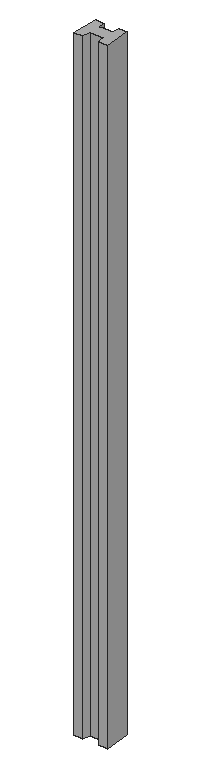
Revit family "P119 H-Post", category Generic Models, Revit 2020
Family settings
  Can host rebar = No
  Round Connector Dimension = Use Diameter
  Part Type = Normal
  Work Plane-Based = No
  Always vertical = Yes
  Cut with Voids When Loaded = No
  Shared = No
  Room Calculation Point = No
Parameters
  Weight = "26Kg/m"
  Warranty Guarantor Parts = "n/a"
  Warranty Guarantor Labour = "n/a"
  Warranty Duration Unit = "n/a"
  Warranty Duration Parts = "n/a"
  Warranty Duration Labour = "n/a"
  Warranty Description = "n/a"
  Unit Width [instance] = 130 mm
  Unit Length [instance] = 100 mm
  Unit Height [instance] = 2440 mm
  URL = "www.killeshal.com"
  Types = "Single"
  Type Comments = "Visit our website for a full list of available products."
  Sustainability Performance = "n/a"
  Structural Class = "n/a"
  Span = "n/a"
  Slope = "n/a"
  Size = "130mm wide x 100mm long x Varied Lengths."
  Shape = "As per drawing."
  Service Life = "0.000000"
  Serial Number = "n/a"
  Resistance to Fire = "n/a"
  Replacement Cost = "n/a"
  Reference = "n/a"
  Notified Body = "n/a"
  Nominal Cover to Main Bar = "n/a"
  Model = "P/119 H-Post"
  Mechanical Resistance = "n/a"
  Manufacturer = "Killeshal Precast Concrete Ltd."
  Load Bearing = no
  Life Cycle Environmental Load = "n/a"
  Length Options = "1830mm to 3660mm"
  Keynote = "The information contained is the sole property of KPC Ltd., any reproduction in part or whole without permission of KPC Ltd. is prohibited."
  Environmental Product Declaration = "n/a"
  Environmental Class = "n/a"
  Durability against Corrosion = "Design specification and critical dimensions as per product drawings."
  Dimension Accuracy Class = "n/a"
  Detailing = "As per design specification and product drawings."
  Description = "H-Fencing Post"
  Default Elevation = 0 mm
  Dangerous Substances = "No Exposure."
  Contact Tel = "0035357 9353018"
  Contact Email = "sales@killeshal.com"
  Construction Type = "Precast"
  Construction Tolerance Class = "n/a"
  Compressive Strength of Concrete = "n/a"
  Characteristics of Reinforcing Steel = "n/a"
  Characteristics Deflection Under Load = "n/a"
Reference planes
  plane 1 "Center (Front/Back)": y = 0
  plane 2: z = 0
  plane 3 "Center (Left/Right)": x = 0
  plane 4: x = 65
  plane 5: x = -65
  plane 6: x = 59
  plane 7: x = -59
  plane 8: y = 50
  plane 9: y = -50
  plane 10: y = 25
  plane 11: y = -25
  plane 12: x = -30
  plane 13: x = 30
  plane 14: x = -25
  plane 15: x = 25
  plane 16: x = -29
  plane 17: x = 29
Forms (mm)
  Extrusion 1, solid, material "Precast Concrete (KPC)"
    sketch origin (0, 0, 0) x (1, 0, 0) y (0, 1, 0)
      loop
        line (59, 50) -> (29, 50) -> (25, 25) -> (-25, 25) -> (-29, 50) -> (-59, 50) -> (-65, -50) -> (-30, -50) -> (-25, -25) -> (25, -25) -> (30, -50) -> (65, -50) -> (59, 50)
    from 0 to 2440
Lines and regions (mm)
  reference lines
    curve 1: line (-65, -50, 0) -> (-59, 50, 0)
    curve 2: line (-59, 50, 0) -> (-29, 50, 0)
    curve 3: line (65, -50, 0) -> (59, 50, 0)
    curve 4: line (59, 50, 0) -> (29, 50, 0)
    curve 5: line (-65, -50, 0) -> (-30, -50, 0)
    curve 6: line (65, -50, 0) -> (30, -50, 0)
    curve 7: line (25, -25, 0) -> (30, -50, 0)
    curve 8: line (-25, -25, 0) -> (-30, -50, 0)
    curve 9: line (-25, -25, 0) -> (25, -25, 0)
    curve 10: line (-25, 25, 0) -> (-29, 50, 0)
    curve 11: line (25, 25, 0) -> (29, 50, 0)
    curve 12: line (-25, 25, 0) -> (25, 25, 0)
Dimensions and locks
  "Unit Width": plane 5 to plane 4
  plane 7 to plane 6 = 118 mm
  "Unit Length": plane 8 to plane 9
  plane 10 to plane 11 = 50 mm
  Extrusion 1 to plane 10 = 25 mm
  plane 11 to Extrusion 1 = 25 mm
  plane 5 to plane 12 = 35 mm
  plane 13 to plane 4 = 35 mm
  plane 14 to plane 15 = 50 mm  (x2)
  plane 12 to plane 14 = 5 mm
  plane 15 to plane 13 = 5 mm
  plane 7 to plane 16 = 30 mm
  plane 17 to plane 6 = 30 mm
  plane 16 to plane 14 = 4 mm
  plane 15 to plane 17 = 4 mm
  "Unit Height": Extrusion 1 to Extrusion 1
  aligned and locked: level to plane 2
Automatic sketch dimensions
  curve 5 to plane 5 = 0 mm
  curve 2 to plane 7 = 0 mm
  curve 8 to plane 9 = 0 mm
  curve 8 to plane 12 = 0 mm
  curve 2 to plane 8 = 0 mm
  curve 2 to plane 16 = 0 mm
  curve 10 to plane 10 = 0 mm
  curve 10 to plane 14 = 0 mm
  curve 9 to plane 11 = 0 mm
  curve 9 to plane 14 = 0 mm
  curve 11 to plane 15 = 0 mm
  curve 7 to plane 15 = 0 mm
  curve 11 to plane 8 = 0 mm
  curve 11 to plane 17 = 0 mm
  curve 6 to plane 9 = 0 mm
  curve 6 to plane 13 = 0 mm
  curve 4 to plane 6 = 0 mm
  curve 3 to plane 4 = 0 mm
  Extrusion 1 sketch curve to plane 5 = 0 mm
  Extrusion 1 sketch curve to plane 7 = 0 mm
  Extrusion 1 sketch curve to plane 9 = 0 mm  (x2)
  Extrusion 1 sketch curve to plane 12 = 0 mm
  Extrusion 1 sketch curve to plane 8 = 0 mm  (x2)
  Extrusion 1 sketch curve to plane 16 = 0 mm
  Extrusion 1 sketch curve to plane 11 = 0 mm
  Extrusion 1 sketch curve to plane 14 = 0 mm  (x2)
  Extrusion 1 sketch curve to plane 10 = 0 mm
  Extrusion 1 sketch curve to plane 15 = 0 mm  (x2)
  Extrusion 1 sketch curve to plane 17 = 0 mm
  Extrusion 1 sketch curve to plane 13 = 0 mm
  Extrusion 1 sketch curve to plane 6 = 0 mm
  Extrusion 1 sketch curve to plane 4 = 0 mm
